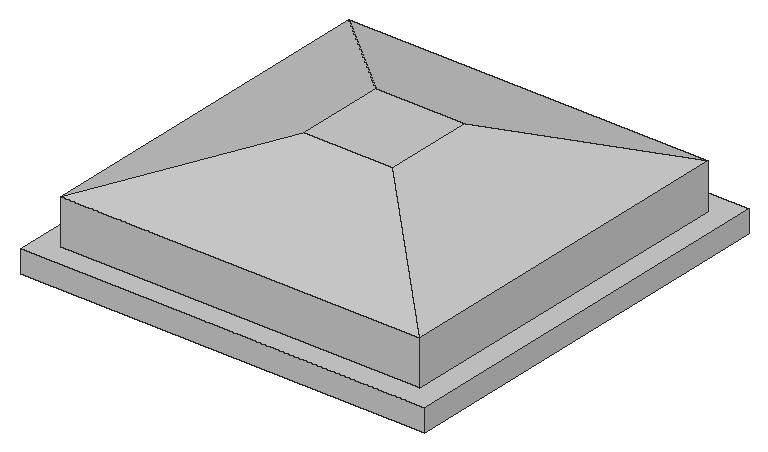
Revit family "BS_FM_Móng Đơn đúng tâm", category Structural Foundations, Revit 2019
Family settings
  Material for Model Behavior = Other
  Cap = No
  OmniClass Number = 23.25.05.00
  OmniClass Title = Foundations
  Work Plane-Based = No
  Always vertical = Yes
  Cut with Voids When Loaded = No
  Shared = No
Parameters (values of type "1500x1500")
  h_BaoVe [instance] = 100 mm
  a_BaoVe [instance] = 100 mm
  Width = RVS_ChieuRongMong  # 1600 mm
  URL = "https://www.facebook.com/HoangToi.Ks/"
  RVS_ChieuRongMong = 1600 mm
  RVS_ChieuDaiMong = 1600 mm
  RVS_BT_Mong = @BS-BeTongCotThep
  RVS_BT_LotMong = @BS-BeTong
  Model = "Hoàng Tới"
  Length = RVS_ChieuDaiMong  # 1600 mm
  L1 = 400 mm
  Học Revit KC : 0914.922.502 [instance] = ""
  Foundation Thickness = H1 + H2  # 400 mm
  Description = "HT-Structural"
  1.Dài x Rộng Móng = ""
  H2 = 200 mm
  H1 = 200 mm
  3.Cổ Móng = ""
  2.Chiều Cao Móng = ""
  B1 = 400 mm
Reference planes
  plane 1 "Center (Front/Back)": y = 0
  plane 2: z = 0
  plane 3 "Center (Left/Right)": x = 0
  plane 4 "2": y = 800
  plane 5 "3": y = 200
  plane 6 "4": y = -200
  plane 7 "5": x = 200
  plane 8 "6": x = 800
  plane 9 "7": x = -200
  plane 10 "8": x = -800
  plane 11 "9": y = -800
  plane 12: z = 200
  plane 13: z = 400
  plane 14: z = -100
Forms (mm)
  Extrusion 1, solid, material "@BS-BeTongCotThep" <- "RVS_BT_Mong"
    sketch origin (0, 0, 0) x (1, 0, 0) y (0, 1, 0)
      loop
        line (800, 800) -> (-800, 800) -> (-800, -800) -> (800, -800) -> (800, 800)
    from 0 to 200 <- "H1"
  Blend 2, solid, material "@BS-BeTongCotThep" <- "RVS_BT_Mong"
    base sketch origin (0, 0, 0) x (1, 0, 0) y (0, 1, 0)
      loop
        line (800, 800) -> (-800, 800) -> (-800, -800) -> (800, -800) -> (800, 800)
    top sketch origin (0, 0, 0) x (1, 0, 0) y (0, 1, 0)
      loop
        line (200, 200) -> (-200, 200) -> (-200, -200) -> (200, -200) -> (200, 200)
    from 200 <- "H1" to 400
  Extrusion 3, solid, material "@BS-BeTong" <- "RVS_BT_LotMong"
    sketch origin (0, 0, 0) x (1, 0, 0) y (0, 1, 0)
      loop
        line (900, 900) -> (-900, 900) -> (-900, -900) -> (900, -900) -> (900, 900)
    from 0 to -100
Cuts and joins
  joined: Extrusion 1, Blend 2
Dimensions and locks
  equal spacing: plane 6 "4", plane 1 "Center (Front/Back)", plane 5 "3"
  "B1": plane 6 "4" to plane 5 "3"
  equal spacing: plane 9 "7", plane 3 "Center (Left/Right)", plane 7 "5"
  "L1": plane 9 "7" to plane 7 "5"
  "Width": plane 11 "9" to plane 4 "2"
  equal spacing: plane 11 "9", plane 1 "Center (Front/Back)", plane 4 "2"
  equal spacing: plane 10 "8", plane 3 "Center (Left/Right)", plane 8 "6"
  "Length": plane 10 "8" to plane 8 "6"
  "a_BaoVe": plane 8 "6" to Extrusion 3 sketch curve
  "a_BaoVe": Extrusion 3 sketch curve to plane 10 "8"
  "a_BaoVe": Extrusion 3 sketch curve to plane 11 "9"
  "a_BaoVe": Extrusion 3 sketch curve to plane 4 "2"
  "H1": plane 2 to plane 12
  "H2": plane 12 to plane 13
  "h_BaoVe": plane 14 to plane 2
  aligned and locked: plane 2 to level
  aligned and locked: Extrusion 1 to level
  aligned and locked: Blend 2 to Extrusion 1
  aligned and locked: level to Extrusion 3
  aligned and locked: Extrusion 1 sketch curve to plane 4 "2"
  aligned and locked: plane 8 "6" to Extrusion 1 sketch curve
  aligned and locked: plane 11 "9" to Extrusion 1 sketch curve
  aligned and locked: Extrusion 1 sketch curve to plane 10 "8"
  aligned and locked: Blend 2 sketch curve to Extrusion 1  (x4)
  aligned and locked: Blend 2 sketch curve to plane 5 "3"
  aligned and locked: plane 7 "5" to Blend 2 sketch curve
  aligned and locked: plane 6 "4" to Blend 2 sketch curve
  aligned and locked: Blend 2 sketch curve to plane 9 "7"
  aligned and locked: Extrusion 3 to plane 14
  aligned and locked: Extrusion 3 to plane 2
  aligned and locked: cut or joined group of Extrusion 1, Blend 2 to plane 12
  aligned and locked: plane 13 to cut or joined group of Extrusion 1, Blend 2
  aligned and locked: plane 12 to cut or joined group of Extrusion 1, Blend 2
